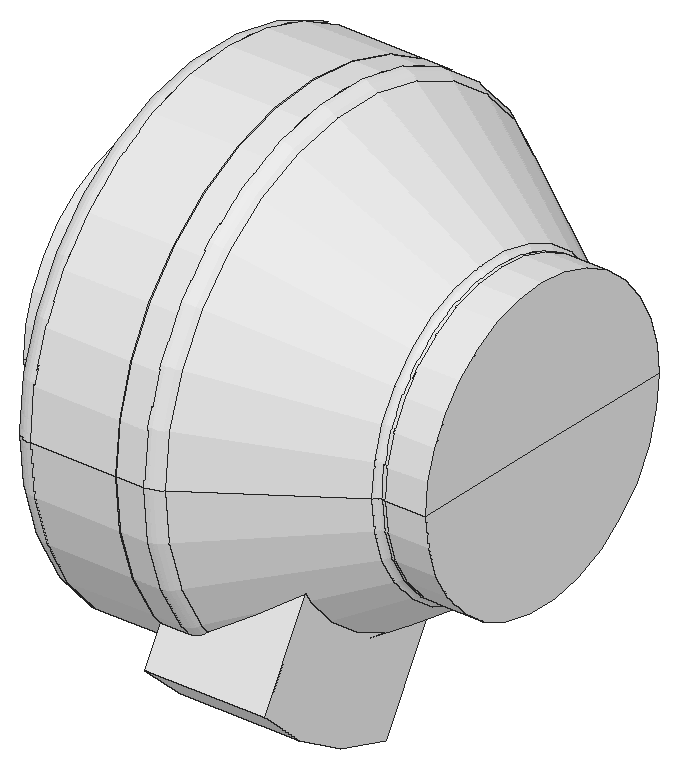
Revit family "VENTS-VK_EC", category Mechanical Equipment, Revit 2019
Family settings
  Round Connector Dimension = Use Diameter
  Classification = None
  Part Type = Breaks Into
  OmniClass Number = 23.75.35.17.11
  OmniClass Title = Fans for Air Ductwork
  Work Plane-Based = No
  Always vertical = No
  Cut with Voids When Loaded = No
  Shared = No
  Room Calculation Point = No
Parameters (values of type "VK 200 EC")
  Weight = 3.00 kg
  Voltage = 230 V
  URL = "https://ventilation-system.com/product/vk-200-ec"
  Type Comments = "Inline centrifugal fan VK 200 EC"
  Transported Air Temperature (°C) = "-25...+60"
  RPM (min-1) = 2700
  R22 = 15 mm
  R21 = 5 mm
  R12 = 15 mm
  R11 = 5 mm
  R1 = D1 / 2  # 170 mm
  Protection rating = "IPX4"
  Power Factor = 1
  Number of Poles = 1
  Noise Level at 3 m (dBa) = 47
  Model = "VK 200 EC"
  Manufacturer = "Vents"
  Maintenance Zone Width = 600 mm
  Maintenance Zone Material = Maintenance Zone
  Maintenance Zone Length = 600 mm
  Maintenance Zone Height = 600 mm
  Maintenance Zone [instance] = no
  Load Classification = HVAC
  L23 = 28 mm
  L22 = L - L1 - L2 - L12 - L13 - L23  # 101 mm
  L2 = 28 mm
  L13 = 68 mm
  L12 = 26 mm
  L1 = 25 mm
  L = 276 mm
  Flow direction symbol [instance] = yes
  Flow Factor [instance] = 1  # constant formula
  Family Version = "1.0"  # constant formula
  Description = "Inline centrifugal fan for round ducts"
  D1 = 340 mm
  D = 200 mm
  Copyright = "©Vents"
  Duct Connection Size = 200 mm
  Fan Material = Plastic White Glazed
  Maximum Air Flow = 885 m³/h
  BoxDepth = 82 mm
  BoxD = 390 mm
  BoxAngle = 60.00°
  BoxA = 120 mm
  Air Flow [instance] = 0 m³/h
  Power = 84 W
  Current = 0.64 A
  Apparent Power = Power / Power Factor  # 84 VA
Types (6, lengths in mm): name | Weight | URL | Type Comments | RPM (min-1) | R1 | Noise Level at 3 m (dBa) | Model | L23 | L22 | L2 | L13 | L12 | L1 | L | D1 | D | Duct Connection Size | Maximum Air Flow | BoxDepth | BoxD | BoxAngle | BoxA | Power | Current | Apparent Power
  VK 100 EC | 2.00 kg | "https://ventilation-system.com/product/vk-100-ec" | "Inline centrifugal fan VK 100 EC" | 3400 | 125 | 40 | "VK 100 EC" | 19 | 73 | 32 | 40 | 40 | 26 | 230 | 250 | 100 | 100 | 340 m³/h | 74 | 304 | 90.00° | 85 | 82 W | 0.62 A | 82 VA
  VK 125 EC | 2.20 kg | "https://ventilation-system.com/product/vk-125-ec" | "Inline centrifugal fan VK 125 EC" | 3600 | 125 | 42 | "VK 125 EC" | 19 | 63 | 32 | 40 | 28 | 38 | 220 | 250 | 125 | 125 | 420 m³/h | 74 | 304 | 90.00° | 85 | 84 W | 0.64 A | 84 VA
  VK 150 EC | 2.50 kg | "https://ventilation-system.com/product/vk-150-ec" | "Inline centrifugal fan VK 150 EC" | 3400 | 150 | 45 | "VK 150 EC" | 29 | 70 | 65 | 48 | 16 | 58 | 286 | 300 | 150 | 150 | 630 m³/h | 85 | 350 | 90.00° | 85 | 82 W | 0.63 A | 82 VA
  VK 200 EC | 3.00 kg | "https://ventilation-system.com/product/vk-200-ec" | "Inline centrifugal fan VK 200 EC" | 2700 | 170 | 47 | "VK 200 EC" | 28 | 101 | 28 | 68 | 26 | 25 | 276 | 340 | 200 | 200 | 885 m³/h | 82 | 390 | 60.00° | 120 | 84 W | 0.64 A | 84 VA
  VK 250 EC | 4.30 kg | "https://ventilation-system.com/product/vk-250-ec" | "Inline centrifugal fan VK 250 EC" | 2600 | 170 | 48 | "VK 250 EC" | 28 | 63 | 65 | 55 | 26 | 28 | 265 | 340 | 250 | 250 | 1250 m³/h | 82 | 390 | 60.00° | 120 | 165 W | 1.1 A | 165 VA
  VK 315 EC | 4.90 kg | "https://ventilation-system.com/product/vk-315-ec" | "Inline centrifugal fan VK 315 EC" | 2500 | 200 | 48 | "VK 315 EC" | 32 | 57 | 38 | 62 | 31 | 56 | 276 | 400 | 315 | 315 | 1500 m³/h | 82 | 452 | 120.00° | 120 | 165 W | 1.1 A | 165 VA
Reference planes
  plane 1 "Center (Front/Back)": y = 0
  plane 2: z = 0
  plane 3 "Center (Left/Right)": x = 0
  plane 4: x = 25
  plane 5: x = 51
  plane 6: y = 100
  plane 7: y = -100
  plane 8: y = 170
  plane 9: y = -170
  plane 10: x = 147
  plane 11: x = 248
  plane 12: x = 276
  plane 13 "C": x = 119
Forms (mm)
  Revolve 1, solid, material "Plastic White Glazed" <- "Fan Material", detail levels medium+fine
    sketch origin (368, 0, 0) x (1, 0, 0) y (0, 1, 0)
      loop
        arc (-307.65, 170) -> (-315.585, 167.729) -> (-321.117, 161.605) r 15
        line (-321.117, 161.605) -> (-336.628, 102.798)
        arc (-336.628, 102.798) -> (-338.472, 100.757) -> (-341.117, 100) r 5
        line (-341.117, 100) -> (-343, 100) -> (-343, 0) -> (-249, 0) -> (-249, 170) -> (-307.65, 170)
      axis (-249, 0) -> (-343, 0)
    angle from 0 to 360
  Revolve 2, solid, material "Plastic White Glazed" <- "Fan Material", detail levels medium+fine
    sketch origin (368, 0, 0) x (1, 0, 0) y (0, 1, 0)
      loop
        line (-249, 170) -> (-249, 0) -> (-120, 0) -> (-120, 100) -> (-122.05, 100)
        arc (-122.05, 100) -> (-124.783, 100.813) -> (-126.627, 102.988) r 5
        line (-126.627, 102.988) -> (-218.898, 165.376)
        arc (-218.898, 165.376) -> (-223.841, 168.796) -> (-229.73, 170) r 15
        line (-229.73, 170) -> (-249, 170)
      axis (-120, 0) -> (-249, 0)
    angle from 0 to 360
  Revolve 3, solid, material "Plastic White Glazed" <- "Fan Material", detail levels medium+fine
    sketch origin (368, 0, 0) x (1, 0, 0) y (0, 1, 0)
      loop
        line (-120, 100) -> (-120, 0) -> (-92, 0) -> (-92, 100) -> (-120, 100)
      axis (-92, 0) -> (-120, 0)
    angle from 0 to 360
  Revolve 4, solid, material "Plastic White Glazed" <- "Fan Material", detail levels medium+fine
    sketch origin (368, 0, 0) x (1, 0, 0) y (0, 1, 0)
      loop
        line (-368, 100) -> (-368, 0) -> (-343, 0) -> (-343, 100) -> (-368, 100)
      axis (-343, 0) -> (-368, 0)
    angle from 0 to 360
Cuts and joins
  joined: Revolve 1, Revolve 4
  joined: Revolve 2, Revolve 3
Lines and regions (mm)
  reference lines
    curve 1: line (119, 0, 0) -> (119, -50, -86.603)
Dimensions and locks
  equal spacing: plane 6, plane 1 "Center (Front/Back)", plane 7
  "D": plane 6 to plane 7
  "L2": plane 11 to plane 12
  "L12": plane 4 to plane 5
  "L22": plane 10 to plane 11
  "L1": plane 3 "Center (Left/Right)" to plane 4
  "L13": plane 5 to plane 13 "C"
  "L23": plane 13 "C" to plane 10
  equal spacing: plane 9, plane 1 "Center (Front/Back)", plane 8
  "D1": plane 8 to plane 9
  "R12": radius of Revolve 1 sketch curve
  "R11": radius of Revolve 1 sketch curve
  "R21": radius of Revolve 2 sketch curve
  "R22": radius of Revolve 2 sketch curve
  "BoxAngle": angle curve 1 to level
  aligned and locked: level to plane 2
  aligned and locked: Revolve 2 sketch curve to plane 11
  aligned and locked: Revolve 3 sketch curve to plane 6
  aligned and locked: Revolve 3 sketch curve to Revolve 2
  aligned and locked: Revolve 3 sketch curve to plane 12
  aligned and locked: Revolve 3 sketch curve to plane 1 "Center (Front/Back)"
  aligned and locked: Revolve 4 sketch curve to plane 6
  aligned and locked: Revolve 4 sketch curve to plane 1 "Center (Front/Back)"
  aligned and locked: Revolve 4 sketch curve to Revolve 1
  aligned and locked: Revolve 1 sketch curve to plane 13 "C"
  aligned and locked: plane 13 "C" to Revolve 2 sketch curve
  aligned and locked: plane 3 "Center (Left/Right)" to Revolve 4 sketch curve
  aligned and locked: Revolve 1 sketch curve to plane 8
  aligned and locked: Revolve 2 sketch curve to plane 8
  aligned and locked: plane 1 "Center (Front/Back)" to nested 1
  aligned and locked: plane 13 "C" to nested 1
  aligned and locked: nested 2 to level
  aligned and locked: plane 13 "C" to nested 2
  aligned and locked: plane 1 "Center (Front/Back)" to nested 3
  aligned and locked: nested 3 to plane 3 "Center (Left/Right)"
  aligned and locked: level to curve 1
  aligned and locked: plane 1 "Center (Front/Back)" to curve 1
  aligned and locked: nested 4 to curve 1
  aligned and locked: plane 13 "C" to nested 5
  aligned and locked: plane 1 "Center (Front/Back)" to nested 5
Automatic sketch dimensions
  plane 1 "Center (Front/Back)" to Revolve 4 sketch curve = 0 mm
  Revolve 4 sketch curve to plane 3 "Center (Left/Right)" = 1646 mm
  plane 12 to Revolve 4 sketch curve = 2149 mm
  plane 1 "Center (Front/Back)" to Revolve 1 sketch curve = 0 mm  (x2)
  Revolve 1 sketch curve to plane 4 = 0 mm
  Revolve 1 sketch curve to plane 6 = 0 mm
  Revolve 1 sketch curve to Revolve 1 sketch curve = 1.883 mm
  plane 6 to Revolve 1 sketch curve = 2.798 mm
  Revolve 1 sketch curve to plane 5 = 4.117 mm
  plane 5 to Revolve 1 sketch curve = 9.35 mm
  Revolve 1 sketch curve to plane 3 "Center (Left/Right)" = 1356 mm
  plane 12 to Revolve 1 sketch curve = 1873 mm
  plane 1 "Center (Front/Back)" to Revolve 2 sketch curve = 0 mm  (x2)
  Revolve 2 sketch curve to plane 6 = 0 mm
  Revolve 2 sketch curve to plane 10 = 8.73 mm
  plane 10 to Revolve 2 sketch curve = 2.102 mm
  plane 6 to Revolve 2 sketch curve = 2.988 mm
  Revolve 2 sketch curve to plane 11 = 6.627 mm
  Revolve 2 sketch curve to plane 3 "Center (Left/Right)" = 1356 mm
  plane 12 to Revolve 2 sketch curve = 1873 mm
Nested families
  nested 1: "GraphicalSymbol_Fun_FlowDirection" at (119, 0, 0), visible <- "Flow direction symbol", type "GraphicalSymbol_Fun_FlowDirection", detail levels medium+fine
    with Length 50 mm, Height 50 mm, B 25 mm, A 16.667 mm
  nested 2: "GraphicalSymbol_Fun_FlowDirection" at (119, 0, 0) x (1, 0, 0) z (0, -1, 0), type "GraphicalSymbol_Fun_FlowDirection"
    with Length 50 mm, Height 50 mm, B 25 mm, A 16.667 mm
  nested 3: "GraphicalSymbol_Fan_1" at (138, 0, 0), type "GraphicalSymbol_Fan_1", detail levels coarse
    with Diameter 276 mm, A 69 mm
  nested 4: "DistributionBox" at (119, 0, 0) x (0, -0.5, -0.866) z (0, -0.866, 0.5), type "DistributionBox", detail levels medium+fine
    with R 195 mm, Hcon 167.7 mm, D 390 mm, B 120 mm, Acon 16.4 mm, A 82 mm
  nested 5: "MaintenanceZone_Rect" at (119, 0, 0), visible <- "Maintenance Zone", type "MaintenanceZone_Rect", detail levels medium+fine
    with Maintenance Zone Width 600 mm, Maintenance Zone Length 600 mm, Maintenance Zone Height 600 mm
Connectors
  hvac at (0, 0, 0), driven by "Duct Connection Size", driven by "Air Flow"
    settings: on cut or joined group of Revolve 1, Revolve 4, index 4, duct flow 0 m³/h, flow factor 0, pres drop 0.0 Pa, loss coef 0, conn angle 0.00°, conn width 304.8 mm, conn height 304.8 mm, conn diameter 200 mm, duct sys type 29, conn prof type 0, flow config 0, flow direction 0, loss method 0, conn ref index 5, conn util no, is conn primary yes, conn desc ""
  hvac at (276, 0, 0), driven by "Duct Connection Size"
    settings: on cut or joined group of Revolve 2, Revolve 3, index 5, duct flow 0 m³/h, flow factor 0, pres drop 0.0 Pa, loss coef 0, conn angle 0.00°, conn width 304.8 mm, conn height 304.8 mm, conn diameter 200 mm, duct sys type 28, conn prof type 0, flow config 0, flow direction 0, loss method 0, conn ref index 4, conn util no, is conn primary no, conn desc ""
  electrical at (184.6, -23.228, -180.232), driven by "Number of Poles", driven by "Load Classification", driven by "Voltage", driven by "Apparent Power", driven by "Power Factor"
    settings: on nested 4, index 6, voltage 230 V, apparent load 84 VA, apparent load phase1 0 VA, apparent load phase2 0 VA, apparent load phase3 0 VA, power factor 1, load classification "HVAC", number of poles 1, system type 30, power factor state 1, is connector primary yes, connector utility no, sub classification motor no, connector description ""
Definition of nested family "DistributionBox"
  Parameters (values of type "DistributionBox")
    R = D / 2  # 100 mm
    Hcon = D * 0.43  # 86 mm
    Lcon = 10 mm
    Distribution Box Material = none
    Default Elevation = 1219.2 mm
    Dcon = 12 mm
    D = 200 mm
    B = 50 mm
    Acon = 0.2 * A  # 10 mm
    A = 50 mm
  Reference planes
    plane 1 "Center (Front/Back)": y = 0
    plane 2: z = 0
    plane 3 "Center (Left/Right)": x = 0
    plane 4 "Back": y = 50
    plane 5: z = -25
    plane 6: z = 25
    plane 7: x = 86
    plane 8: z = -35
    plane 9 "Center L/T": y = 40
  Forms (mm)
    Extrusion 1, solid, material <- "Distribution Box Material"
      sketch origin (0, 0, 0) x (1, 0, 0) y (0, 0, 1)
        loop
          line (0, 25) -> (0, -25) -> (96.825, -25)
          arc (96.825, -25) -> (100, 0) -> (96.825, 25) r 100
          line (96.825, 25) -> (0, 25)
      from -50 to 0
    Extrusion 2, solid, material <- "Distribution Box Material"
      sketch origin (0, 0, 0) x (1, 0, 0) y (0, 1, 0)
        loop
          circle (86, 40) r 6
      from -25 to -35
  Dimensions and locks
    equal spacing: plane 6, level, plane 5
    "B": plane 6 to plane 5
    "A": plane 4 "Back" to plane 1 "Center (Front/Back)"
    "Hcon": plane 7 to plane 3 "Center (Left/Right)"
    "Lcon": plane 5 to plane 8
    "Acon": plane 4 "Back" to plane 9 "Center L/T"
    "R": radius of Extrusion 1 sketch curve
    "Dcon": diameter of Extrusion 2 sketch curve
    aligned and locked: level to plane 2
    aligned and locked: Extrusion 1 sketch curve to plane 6
    aligned and locked: plane 3 "Center (Left/Right)" to Extrusion 1 sketch curve
    aligned and locked: plane 5 to Extrusion 1 sketch curve
    aligned and locked: plane 4 "Back" to Extrusion 1
    aligned and locked: plane 8 to Extrusion 2
    aligned and locked: plane 1 "Center (Front/Back)" to Extrusion 1
    aligned and locked: plane 9 "Center L/T" to Extrusion 2 sketch curve
    aligned and locked: plane 7 to Extrusion 2 sketch curve
    aligned and locked: plane 5 to Extrusion 2
  Automatic sketch dimensions
    Extrusion 1 sketch curve to level = 0 mm
    Extrusion 1 sketch curve to plane 3 "Center (Left/Right)" = 0 mm
Definition of nested family "MaintenanceZone_Rect"
  Parameters (values of type "MaintenanceZone_Rect")
    Maintenance Zone Width = 500 mm
    Material = none
    Maintenance Zone Length = 1000 mm
    Maintenance Zone Height = 300 mm
    Family Version = ""
    Default Elevation = 1219.2 mm
    Copyright = ""
  Reference planes
    plane 1 "Center (Front/Back)": y = 0
    plane 2: z = 0
    plane 3 "Center (Left/Right)": x = 0
    plane 4: x = -500
    plane 5: x = 500
    plane 6: y = 250
    plane 7: y = -250
    plane 8: z = -300
  Forms (mm)
    Extrusion 1, solid, material <- "Material", detail levels medium+fine
      sketch origin (0, 0, 0) x (1, 0, 0) y (0, 1, 0)
        loop
          line (-500, 250) -> (-500, -250) -> (500, -250) -> (500, 250) -> (-500, 250)
      from 0 to -300
  Lines and regions (mm)
    symbolic lines, detail levels medium+fine
      curve 1: line (-500, 0, 0) -> (500, 0, 0)
      curve 2: line (-500, 0, -300) -> (-500, 0, 0)
      curve 3: line (500, 0, -300) -> (-500, 0, -300)
      curve 4: line (500, 0, 0) -> (500, 0, -300)
      curve 5: line (0, 250, 0) -> (0, -250, 0)
      curve 6: line (0, 250, -300) -> (0, 250, 0)
      curve 7: line (0, -250, -300) -> (0, 250, -300)
      curve 8: line (0, -250, 0) -> (0, -250, -300)
      curve 9: line (-500, 250, 0) -> (500, 250, 0)
      curve 10: line (-500, -250, 0) -> (-500, 250, 0)
      curve 11: line (500, -250, 0) -> (-500, -250, 0)
      curve 12: line (500, 250, 0) -> (500, -250, 0)
  Dimensions and locks
    equal spacing: plane 6, plane 1 "Center (Front/Back)", plane 7
    equal spacing: plane 4, plane 3 "Center (Left/Right)", plane 5
    "Maintenance Zone Width": plane 6 to plane 7
    "Maintenance Zone Length": plane 4 to plane 5
    "Maintenance Zone Height": plane 2 to plane 8
    aligned and locked: level to plane 2
    aligned and locked: Extrusion 1 sketch curve to plane 6
    aligned and locked: plane 4 to Extrusion 1 sketch curve
    aligned and locked: plane 7 to Extrusion 1 sketch curve
    aligned and locked: Extrusion 1 sketch curve to plane 5
    aligned and locked: Extrusion 1 to plane 8
    aligned and locked: curve 1 to Extrusion 1
    aligned and locked: curve 2 to Extrusion 1
    aligned and locked: curve 3 to Extrusion 1
    aligned and locked: curve 4 to Extrusion 1
    aligned and locked: curve 5 to Extrusion 1
    aligned and locked: curve 6 to Extrusion 1
    aligned and locked: curve 7 to Extrusion 1
    aligned and locked: curve 8 to Extrusion 1
    aligned and locked: curve 9 to Extrusion 1
    aligned and locked: curve 10 to Extrusion 1
    aligned and locked: curve 11 to Extrusion 1
    aligned and locked: curve 12 to Extrusion 1
Definition of nested family "GraphicalSymbol_Fun_FlowDirection"
  Parameters (values of type "GraphicalSymbol_Fun_FlowDirection")
    Length = 100 mm
    Height = Length  # 100 mm
    B = Length / 2  # 50 mm
    A = Length / 3  # 33.333 mm
  Reference planes
    plane 1 "Center (Front/Back)": y = 0
    plane 2: z = 0
    plane 3 "Center (Left/Right)": x = 0
    plane 4: x = -33.333
    plane 5: x = 50
    plane 6: y = 50
    plane 7: y = -50
  Lines and regions (mm)
    detail lines, in view "Ref. Level"
      curve 1: line (-33.333, 50, 0) -> (-33.333, -50, 0)
      curve 2: line (50, 0, 0) -> (-33.333, -50, 0)
      curve 3: line (50, 0, 0) -> (-33.333, 50, 0)
  Dimensions and locks
    "A": plane 4 to plane 3 "Center (Left/Right)"
    "B": plane 3 "Center (Left/Right)" to plane 5
    equal spacing: plane 6, plane 1 "Center (Front/Back)", plane 7
    "Height": plane 6 to plane 7
    aligned and locked: curve 1 to plane 4
  Automatic sketch dimensions
    plane 1 "Center (Front/Back)" to curve 3 = 0 mm
    curve 3 to plane 5 = 0 mm
    curve 2 to plane 7 = 0 mm
    curve 3 to plane 6 = 0 mm
Definition of nested family "GraphicalSymbol_Fan_1"
  Parameters (values of type "GraphicalSymbol_Fan_1")
    Diameter = 100 mm
    Default Elevation = 1219.2 mm
    A = Diameter / 4  # 25 mm
  Reference planes
    plane 1 "Center (Front/Back)": y = 0
    plane 2: z = 0
    plane 3 "Center (Left/Right)": x = 0
    plane 4: x = -25
  Lines and regions (mm)
    model lines
      curve 1: circle (0, 0, 0) r 50 normal (0, 0, 1)
      curve 4: line (-25, 43.301, 0) -> (-25, -43.301, 0)
      curve 5: line (-25, 43.301, 0) -> (50, 0, 0)
      curve 6: line (-25, -43.301, 0) -> (50, 0, 0)
    reference lines
      curve 2: line (50, 141.389, 0) -> (50, -158.611, 0)
      curve 3: line (-50, 141.389, 0) -> (-50, -158.611, 0)
  Dimensions and locks
    equal spacing: curve 3, plane 3 "Center (Left/Right)", curve 2
    "Diameter": curve 3 to curve 2
    "A": plane 4 to plane 3 "Center (Left/Right)"
    "Diameter": diameter of curve 1
    aligned and locked: level to plane 2
  Automatic sketch dimensions
    curve 4 to plane 4 = 0 mm
    plane 1 "Center (Front/Back)" to curve 1 = 0 mm
    curve 1 to plane 3 "Center (Left/Right)" = 0 mm
    plane 1 "Center (Front/Back)" to curve 6 = 0 mm
    plane 1 "Center (Front/Back)" to curve 2 = 158.611 mm
    curve 3 to curve 2 = 0 mm  (x2)
    curve 3 to plane 1 "Center (Front/Back)" = 141.389 mm
